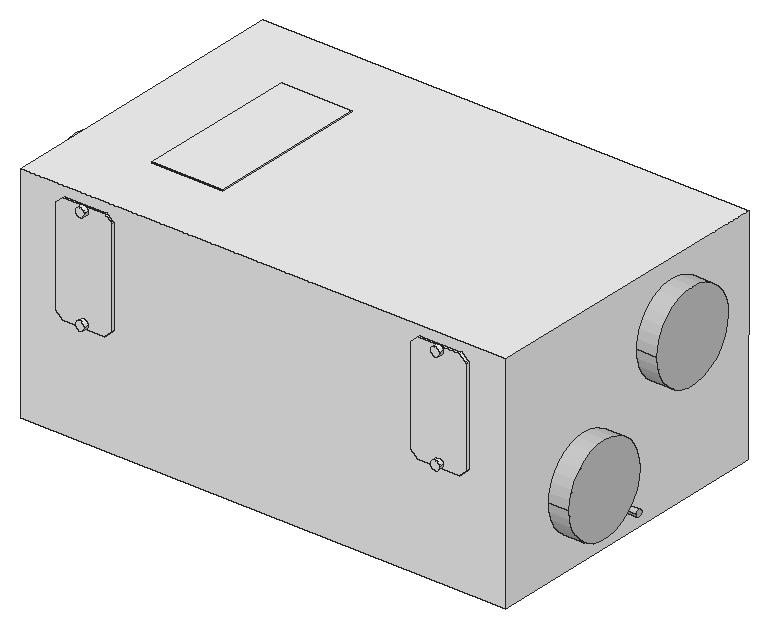
Revit family "BLAUBERG-KOMFORT_EC_LBE_400", category Mechanical Equipment, Revit 2019
Family settings
  Round Connector Dimension = Use Diameter
  Classification = None
  Part Type = Normal
  OmniClass Number = 23.75.35.14
  OmniClass Title = Air Handling Units
  Work Plane-Based = No
  Always vertical = Yes
  Cut with Voids When Loaded = No
  Shared = No
  Room Calculation Point = No
Parameters (values of type "KOMFORT EC LBE 400 S21")
  dLFeets = 48 mm
  dBFeets = 58 mm
  Weight = 76.00 kg
  Top Maintenance Zone Height = 900 mm
  Standard Service Side [instance] = yes
  Service Side 2 [instance] = Standard Service Side  # yes
  Service Side 1 [instance] = not(Standard Service Side)  # no
  Leveling Feets [instance] = yes
  HDrainCon = 52 mm
  DrainPipe = yes
  Drain Connection Diameter = 16 mm
  Ddrain = 14.752 mm
  CoverW = 125 mm
  CoverH1 = 145 mm
  CoverH = 247 mm
  Maximum Unit Current With Electric Heater = 14.3 A
  Maintenance Zone Side 2 [instance] = if(Maintenance Zone, (if(not(Standard Service Side), 1 = 1, 1 = 0)), 1 = 0)  # no
  Maintenance Zone Side 1 [instance] = if(Maintenance Zone, (if(Standard Service Side, 1 = 1, 1 = 0)), 1 = 0)  # no
  Plastic Material = Polypropylene Black
  Maximum Unit Power Without Electric Heater = 289 W
  Maximum Unit Current Without Electric Heater = 2.1 A
  Leveling Feets Height Calc [instance] = if(Leveling Feets Height < 23 mm, 23 mm, Leveling Feets Height)  # 23 mm
  Leveling Feets Height [instance] = 23 mm
  CoverL2 = 147 mm
  CoverL1 = 147 mm
  Heater power = 2800 W
  Heat Exchanger Material = "polystyrene"
  HDuctCon = 48 mm  # constant formula
  H2 = 162 mm
  H1 = 141 mm
  H = 504 mm
  ElConB = 341 mm
  ElConA = 249 mm
  ElBoxB = 364 mm
  ElBoxA = 159 mm
  BDrainCon = 341 mm
  B2 = 217 mm
  Air Flow Factor [instance] = 1  # constant formula
  B1 = 217 mm
  L = 1094 mm
  Voltage = 230 V
  URL = "https://blaubergventilatoren.de/en/product/komfort-ec-lbe400-s21"
  Type Comments = "Air Handling Unit KOMFORT EC LBE 400 S21"
  Transported Air Temperature (°C) = "-25…+40"
  Supply Air Filter = "G4+F7"
  Sound Pressure Level at 3 m (dBA) = 27
  SEC Class = "A+"
  RPM (min-1) = 2600
  Power Factor = 1
  Power = Maximum Unit Power Without Electric Heater + Heater power  # 3089 W
  Number of Poles = 1
  Model = "KOMFORT EC LBE 400 S21"
  Maximum Air Flow = 540 m³/h
  Manufacturer = "Blauberg"
  Maintenance Zone Material = Maintenance Zone
  Front Maintenance Zone Height = 900 mm
  Maintenance Zone [instance] = no
  Load Classification = HVAC
  B = 682 mm
  Heat recovery efficiency (%) = "84..98"
  Heat Exchanger Type = "counter-flow"
  Metal Material = Metal Zinc
  Family Version = "1.0"  # constant formula
  Extract Air Filter = "G4"
  Duct Connection Diameter = 200 mm
  Description = "Air Handling Unit"
  D = Duct Connection Diameter  # 200 mm
  Current = Maximum Unit Current With Electric Heater  # 14.3 A
  Copyright = "©Blauberg"
  Casing Material = Painted Steel White
  Apparent Power [instance] = Power / Power Factor  # 3089 VA
  Air Flow Supply [instance] = 0 m³/h
  Air Flow Exhaust [instance] = 0 m³/h
Types (2, lengths in mm): name | DrainPipe | Drain Connection Diameter | Heat Exchanger Material | URL | Type Comments | SEC Class | Model | Heat recovery efficiency (%)
  KOMFORT EC LBE 400 S21 | yes | 16 | "polystyrene" | "https://blaubergventilatoren.de/en/product/komfort-ec-lbe400-s21" | "Air Handling Unit KOMFORT EC LBE 400 S21" | "A+" | "KOMFORT EC LBE 400 S21" | "84..98"
  KOMFORT EC LBE 400-E S21 | no | 0 | "enthalpy" | "https://blaubergventilatoren.de/en/product/komfort-ec-lbe400-e-s21" | "Air Handling Unit KOMFORT EC LBE 400-E S21" | "A" | "KOMFORT EC LBE 400-E S21" | "78..89"
Reference planes
  plane 1 "Center (Front/Back)": y = 0
  plane 2: z = 0
  plane 3 "Center (Left/Right)": x = 0
  plane 4 "Right": x = 547
  plane 5 "Front": y = -341
  plane 6 "Left": x = -547
  plane 7 "Top": z = 527
  plane 8 "Back": y = 341
  plane 9 "DuctConB1": y = 124
  plane 10 "DuctConB2": y = -124
  plane 11: z = 529
  plane 12 "Bottom": z = 23
  plane 13 "FeetsL1": x = -499
  plane 14 "FeetsL2": x = 499
  plane 15 "FeetsB1": y = 283
  plane 16 "FeetsB2": y = -283
  plane 17 "ElConA": x = -298
  plane 18: x = -377.5
  plane 19: x = -218.5
  plane 20: y = 182
  plane 21: y = -182
  plane 22 "ElConB": y = 0
  plane 23 "DrainConH": z = 75
  plane 24 "CoverH": z = 382
  plane 25 "CoverL1": x = -400
  plane 26 "CoverL2": x = 400
  plane 27 "DrainConB": y = 0
  plane 28 "DuctConH1": z = 386
  plane 29 "DuctConH2": z = 185
  plane 30: x = -595
  plane 31: x = 595
Forms (mm)
  Extrusion 1, solid, material "Painted Steel White" <- "Casing Material", detail levels medium+fine
    sketch origin (0, 377, 23) x (-1, 0, 0) y (0, -1, 0)
      loop
        line (547, 36) -> (547, 718) -> (-547, 718) -> (-547, 36) -> (547, 36)
    from 0 to 504
  Extrusion 2, solid, material "Painted Steel White" <- "Casing Material", detail levels medium+fine
    sketch origin (0, 0, 527) x (-1, 0, 0) y (0, -1, 0)
      loop
        line (377.5, -182) -> (377.5, 182) -> (218.5, 182) -> (218.5, -182) -> (377.5, -182)
    from 0 to 2
  Extrusion 3, solid, material "Metal Zinc" <- "Metal Material", detail levels medium+fine
    sketch origin (-547, 0, 0) x (0, 1, 0) y (0, 0, 1)
      loop
        circle (-124, 386) r 100
      loop
        circle (124, 185) r 100
    from 0 to -48
  Extrusion 4, solid, material "Metal Zinc" <- "Metal Material", detail levels medium+fine
    sketch origin (547, 0, 0) x (0, 1, 0) y (0, 0, 1)
      loop
        circle (124, 386) r 100
      loop
        circle (-124, 185) r 100
    from 0 to 48
  Extrusion 5, solid, material "Metal Zinc" <- "Metal Material", visible <- "DrainPipe", detail levels medium+fine
    sketch origin (547, 0, 0) x (0, 1, 0) y (0, 0, 1)
      loop
        circle (0, 75) r 7.376
    from 0 to 26.5
Lines and regions (mm)
  model lines, detail levels coarse
    curve 1: line (-547, -341, 527) -> (-547, 341, 527)
    curve 2: line (547, -341, 527) -> (-547, -341, 527)
    curve 3: line (547, 341, 527) -> (547, -341, 527)
    curve 4: line (-547, -341, 23) -> (-547, 341, 23)
    curve 5: line (547, -341, 23) -> (-547, -341, 23)
    curve 6: line (547, 341, 23) -> (547, -341, 23)
    curve 7: line (-547, -341, 527) -> (547, -341, 527)
    curve 8: line (-547, -341, 23) -> (-547, -341, 527)
    curve 9: line (547, -341, 23) -> (-547, -341, 23)
    curve 10: line (547, -341, 527) -> (547, -341, 23)
    curve 11: line (-547, -341, 527) -> (-547, -341, 23)
    curve 12: line (547, -341, 527) -> (547, -341, 23)
    curve 13: line (-547, 341, 23) -> (547, 341, 23)
    curve 14: line (-547, 341, 527) -> (547, 341, 527)
    curve 15: line (-547, 341, 527) -> (-547, 341, 23)
    curve 16: line (547, 341, 527) -> (547, 341, 23)
    curve 17: line (-595, -124, 386) -> (-547, -124, 386)
    curve 18: line (-595, 124, 185) -> (-547, 124, 185)
    curve 19: line (547, -124, 185) -> (595, -124, 185)
    curve 20: line (547, 124, 386) -> (595, 124, 386)
Dimensions and locks
  "B": plane 8 "Back" to plane 5 "Front"
  equal spacing: plane 6 "Left", plane 3 "Center (Left/Right)", plane 4 "Right"
  "L": plane 6 "Left" to plane 4 "Right"
  "dBFeets": plane 8 "Back" to plane 15 "FeetsB1"
  "dBFeets": plane 16 "FeetsB2" to plane 5 "Front"
  "dLFeets": plane 6 "Left" to plane 13 "FeetsL1"
  "dLFeets": plane 14 "FeetsL2" to plane 4 "Right"
  "Leveling Feets Height Calc": plane 12 "Bottom" to level
  "H": plane 7 "Top" to plane 12 "Bottom"
  "ElConA": plane 6 "Left" to plane 17 "ElConA"
  "B2": plane 10 "DuctConB2" to plane 5 "Front"
  "B1": plane 8 "Back" to plane 9 "DuctConB1"
  equal spacing: plane 18, plane 17 "ElConA", plane 19
  "ElBoxA": plane 18 to plane 19
  "ElConB": plane 8 "Back" to plane 22 "ElConB"
  equal spacing: plane 20, plane 22 "ElConB", plane 21
  "ElBoxB": plane 20 to plane 21
  locked: plane 11 to plane 7 "Top" at 2
  equal spacing: plane 8 "Back", plane 1 "Center (Front/Back)", plane 5 "Front"
  "CoverH1": plane 7 "Top" to plane 24 "CoverH"
  "CoverL1": plane 6 "Left" to plane 25 "CoverL1"
  "CoverL2": plane 26 "CoverL2" to plane 4 "Right"
  "HDrainCon": plane 23 "DrainConH" to plane 12 "Bottom"
  "BDrainCon": plane 8 "Back" to plane 27 "DrainConB"
  "H1": plane 7 "Top" to plane 28 "DuctConH1"
  "H2": plane 29 "DuctConH2" to plane 12 "Bottom"
  "HDuctCon": plane 30 to plane 6 "Left"
  "HDuctCon": plane 4 "Right" to plane 31
  "D": diameter of Extrusion 3 sketch curve  (x2)
  "D": diameter of Extrusion 4 sketch curve  (x2)
  "Ddrain": diameter of Extrusion 5 sketch curve
  aligned and locked: level to plane 2
  aligned and locked: plane 13 "FeetsL1" to nested 1
  aligned and locked: nested 1 to plane 15 "FeetsB1"
  aligned and locked: plane 14 "FeetsL2" to nested 2
  aligned and locked: nested 2 to plane 15 "FeetsB1"
  aligned and locked: nested 3 to plane 16 "FeetsB2"
  aligned and locked: plane 14 "FeetsL2" to nested 3
  aligned and locked: plane 13 "FeetsL1" to nested 4
  aligned and locked: nested 4 to plane 16 "FeetsB2"
  aligned and locked: Extrusion 1 sketch curve to plane 8 "Back"
  aligned and locked: plane 6 "Left" to Extrusion 1 sketch curve
  aligned and locked: plane 5 "Front" to Extrusion 1 sketch curve
  aligned and locked: Extrusion 1 sketch curve to plane 4 "Right"
  aligned and locked: plane 7 "Top" to Extrusion 1
  aligned and locked: plane 3 "Center (Left/Right)" to nested 5
  aligned and locked: nested 5 to plane 7 "Top"
  aligned and locked: curve 2 to Extrusion 1
  aligned and locked: curve 4 to curve 1
  aligned and locked: curve 5 to curve 2
  aligned and locked: curve 6 to nested 5
  aligned and locked: curve 8 to Extrusion 1
  aligned and locked: curve 10 to Extrusion 1
  aligned and locked: curve 11 to plane 5 "Front"
  aligned and locked: curve 12 to plane 5 "Front"
  aligned and locked: plane 8 "Back" to curve 3
  aligned and locked: plane 8 "Back" to curve 6
  aligned and locked: plane 6 "Left" to curve 13
  aligned and locked: curve 13 to plane 8 "Back"
  aligned and locked: plane 4 "Right" to curve 14
  aligned and locked: plane 6 "Left" to curve 14
  aligned and locked: curve 14 to plane 8 "Back"
  aligned and locked: Extrusion 2 sketch curve to plane 20
  aligned and locked: Extrusion 2 sketch curve to plane 18
  aligned and locked: plane 21 to Extrusion 2 sketch curve
  aligned and locked: Extrusion 2 sketch curve to plane 19
  aligned and locked: plane 11 to Extrusion 2
  aligned and locked: plane 3 "Center (Left/Right)" to nested 6
  aligned and locked: nested 6 to plane 7 "Top"
  aligned and locked: plane 7 "Top" to curve 15
  aligned and locked: plane 12 "Bottom" to curve 15
  aligned and locked: plane 7 "Top" to curve 16
  aligned and locked: plane 12 "Bottom" to curve 16
  aligned and locked: plane 8 "Back" to curve 15
  aligned and locked: plane 8 "Back" to curve 16
  aligned and locked: Extrusion 3 to plane 30
  aligned and locked: plane 31 to Extrusion 4
  aligned and locked: plane 1 "Center (Front/Back)" to nested 7
  aligned and locked: plane 3 "Center (Left/Right)" to nested 7
  aligned and locked: plane 25 "CoverL1" to nested 8
  aligned and locked: plane 24 "CoverH" to nested 8
  aligned and locked: plane 26 "CoverL2" to nested 9
  aligned and locked: plane 24 "CoverH" to nested 9
  aligned and locked: nested 10 to plane 24 "CoverH"
  aligned and locked: nested 11 to plane 24 "CoverH"
  aligned and locked: nested 10 to plane 26 "CoverL2"
  aligned and locked: nested 11 to plane 25 "CoverL1"
  aligned and locked: plane 9 "DuctConB1" to Extrusion 4 sketch curve
  aligned and locked: plane 28 "DuctConH1" to Extrusion 4 sketch curve
  aligned and locked: plane 10 "DuctConB2" to Extrusion 4 sketch curve
  aligned and locked: plane 29 "DuctConH2" to Extrusion 4 sketch curve
  aligned and locked: plane 6 "Left" to curve 17
  aligned and locked: plane 30 to curve 17
  aligned and locked: plane 31 to curve 19
  aligned and locked: plane 4 "Right" to curve 19
  aligned and locked: plane 30 to curve 18
  aligned and locked: plane 6 "Left" to curve 18
  aligned and locked: curve 17 to plane 10 "DuctConB2"
  aligned and locked: curve 18 to plane 9 "DuctConB1"
  aligned and locked: plane 4 "Right" to curve 20
  aligned and locked: plane 31 to curve 20
  aligned and locked: curve 19 to plane 10 "DuctConB2"
  aligned and locked: curve 20 to plane 9 "DuctConB1"
Automatic sketch dimensions
  curve 9 to plane 12 "Bottom" = 0 mm
  curve 8 to plane 7 "Top" = 0 mm
  curve 11 to plane 12 "Bottom" = 0 mm
  curve 11 to plane 7 "Top" = 0 mm
  curve 12 to plane 12 "Bottom" = 0 mm
  curve 12 to plane 7 "Top" = 0 mm
  Extrusion 3 sketch curve to plane 10 "DuctConB2" = 0 mm
  Extrusion 3 sketch curve to plane 9 "DuctConB1" = 0 mm
  Extrusion 3 sketch curve to plane 29 "DuctConH2" = 0 mm
  Extrusion 3 sketch curve to plane 28 "DuctConH1" = 0 mm
  Extrusion 5 sketch curve to plane 22 "ElConB" = 0 mm
  Extrusion 5 sketch curve to plane 23 "DrainConH" = 0 mm
Nested families
  nested 1: "LevellingFeet" at (-499, 283, 0), visible <- "Leveling Feets", type "LevellingFeet", detail levels medium+fine
  nested 2: "LevellingFeet" at (499, 283, 0), visible <- "Leveling Feets", type "LevellingFeet", detail levels medium+fine
  nested 3: "LevellingFeet" at (499, -283, 0), visible <- "Leveling Feets", type "LevellingFeet", detail levels medium+fine
  nested 4: "LevellingFeet" at (-499, -283, 0), visible <- "Leveling Feets", type "LevellingFeet", detail levels medium+fine
  nested 5: "MaintenanceZone_Rect" at (0, -341, 275) x (1, 0, 0) z (0, 1, 0), visible <- "Maintenance Zone Side 1", type "Front", detail levels medium+fine
    with Maintenance Zone Width 504 mm, Maintenance Zone Length 1094 mm, Maintenance Zone Height 900 mm
  nested 6: "MaintenanceZone_Rect" at (0, 341, 275) x (1, 0, 0) z (0, -1, 0), visible <- "Maintenance Zone Side 2", type "Front", detail levels medium+fine
    with Maintenance Zone Width 504 mm, Maintenance Zone Length 1094 mm, Maintenance Zone Height 900 mm
  nested 7: "MaintenanceZone_Rect" at (0, 0, 527) x (1, 0, 0) z (0, 0, -1), visible <- "Maintenance Zone", type "Top", detail levels medium+fine
    with Maintenance Zone Width 682 mm, Maintenance Zone Length 1094 mm, Maintenance Zone Height 900 mm
  nested 8: "FilterCover" at (-400, -341, 382) x (1, 0, 0) z (0, -1, 0), visible <- "Service Side 2", type "FilterCover", detail levels medium+fine
    with Width 125 mm, Lenght 247 mm
  nested 9: "FilterCover" at (400, -341, 382) x (1, 0, 0) z (0, -1, 0), visible <- "Service Side 2", type "FilterCover", detail levels medium+fine
    with Width 125 mm, Lenght 247 mm
  nested 10: "FilterCover" at (400, 341, 382) x (-1, 0, 0) z (0, 1, 0), visible <- "Service Side 1", type "FilterCover", detail levels medium+fine
    with Width 125 mm, Lenght 247 mm
  nested 11: "FilterCover" at (-400, 341, 382) x (-1, 0, 0) z (0, 1, 0), visible <- "Service Side 1", type "FilterCover", detail levels medium+fine
    with Width 125 mm, Lenght 247 mm
Connectors
  electrical at (-298, 0, 529), driven by "Number of Poles", driven by "Load Classification", driven by "Voltage", driven by "Apparent Power", driven by "Power Factor"
    settings: on Extrusion 2, index 6, voltage 230 V, apparent load 3089 VA, apparent load phase1 0 VA, apparent load phase2 0 VA, apparent load phase3 0 VA, power factor 1, load classification "HVAC", number of poles 1, system type 30, power factor state 1, is connector primary yes, connector utility no, sub classification motor no, connector description ""
  hvac at (-595, -124, 386), driven by "Duct Connection Diameter", driven by "Air Flow Exhaust"
    settings: on Extrusion 3, index 7, duct flow 0 m³/h, flow factor 0, pres drop 0.0 Pa, loss coef 0, conn angle 0.00°, conn width 304.8 mm, conn height 304.8 mm, conn diameter 200 mm, duct sys type 3, conn prof type 0, flow config 0, flow direction 1, loss method 0, conn ref index -1, conn util no, is conn primary yes, conn desc "Extract Air"
  hvac at (-595, 124, 185), driven by "Duct Connection Diameter", driven by "Air Flow Supply"
    settings: on Extrusion 3, index 8, duct flow 0 m³/h, flow factor 0, pres drop 0.0 Pa, loss coef 0, conn angle 0.00°, conn width 304.8 mm, conn height 304.8 mm, conn diameter 200 mm, duct sys type 1, conn prof type 0, flow config 0, flow direction 2, loss method 0, conn ref index -1, conn util no, is conn primary no, conn desc "Supply Air"
  hvac at (595, 124, 386), driven by "Duct Connection Diameter", driven by "Air Flow Supply"
    settings: on Extrusion 4, index 9, duct flow 0 m³/h, flow factor 0, pres drop 0.0 Pa, loss coef 0, conn angle 0.00°, conn width 304.8 mm, conn height 304.8 mm, conn diameter 200 mm, duct sys type 1, conn prof type 0, flow config 1, flow direction 1, loss method 0, conn ref index -1, conn util no, is conn primary no, conn desc "Inake Air"
  hvac at (595, -124, 185), driven by "Duct Connection Diameter", driven by "Air Flow Exhaust"
    settings: on Extrusion 4, index 10, duct flow 0 m³/h, flow factor 0, pres drop 0.0 Pa, loss coef 0, conn angle 0.00°, conn width 304.8 mm, conn height 304.8 mm, conn diameter 200 mm, duct sys type 3, conn prof type 0, flow config 1, flow direction 2, loss method 0, conn ref index -1, conn util no, is conn primary no, conn desc "Exhaust Air"
Definition of nested family "LevellingFeet"
  Parameters (values of type "LevellingFeet")
    r2 = d2 / 2  # 9 mm
    r1 = d1 / 2  # 12 mm
    h2 = 15 mm
    h1 = 6 mm
    d3 = 8 mm
    d2 = 18 mm
    d1 = 24 mm
    R = D / 2  # 20.5 mm
    Material = none
    H = 23 mm
    Default Elevation = 1219.2 mm
    D = 41 mm
  Reference planes
    plane 1 "Center (Front/Back)": y = 0
    plane 2: z = 0
    plane 3 "Center (Left/Right)": x = 0
    plane 4: z = 6
    plane 5: x = -9
    plane 6: x = -20.5
    plane 7: x = -12
    plane 8: z = 21
    plane 9: z = 23
  Forms (mm)
    Revolve 1, solid, material <- "Material"
      sketch origin (0, 0, 0) x (1, 0, 0) y (0, 0, 1)
        loop
          line (0, 21) -> (-9, 21) -> (-11.354, 9.228)
          arc (-11.354, 9.228) -> (-12.746, 6.91) -> (-15.292, 6) r 4.016
          line (-15.292, 6) -> (-18.541, 6)
          arc (-18.541, 6) -> (-19.926, 5.426) -> (-20.5, 4.041) r 1.959
          line (-20.5, 4.041) -> (-20.5, 0) -> (0, 0) -> (0, 21)
        axis (0, 21) -> (0, 0)
      angle from 0 to 360
    Extrusion 2, solid, material <- "Material"
      sketch origin (0, 0, 0) x (1, 0, 0) y (0, 1, 0)
        loop
          circle (0, 0) r 4
      from 23 to 6
  Cuts and joins
    joined: Revolve 1, Extrusion 2
  Dimensions and locks
    "r2": plane 3 "Center (Left/Right)" to plane 5
    "R": plane 3 "Center (Left/Right)" to plane 6
    "r1": plane 3 "Center (Left/Right)" to plane 7
    "h2": plane 8 to plane 4
    "h1": plane 4 to level
    "H": plane 9 to level
    "d3": diameter of Extrusion 2 sketch curve
    aligned and locked: level to plane 2
    aligned and locked: Revolve 1 sketch curve to plane 3 "Center (Left/Right)"
    aligned and locked: plane 8 to Revolve 1 sketch curve
    aligned and locked: Extrusion 2 to plane 4
    aligned and locked: plane 9 to Extrusion 2
    aligned and locked: cut or joined group of Revolve 1, Extrusion 2 to level
  Automatic sketch dimensions
    Revolve 1 sketch curve to level = 0 mm
    Revolve 1 sketch curve to plane 6 = 0 mm
    Revolve 1 sketch curve to plane 4 = 0 mm
    Revolve 1 sketch curve to plane 5 = 0 mm
    Revolve 1 sketch curve to plane 3 "Center (Left/Right)" = 0 mm
    plane 6 to Revolve 1 sketch curve = 1.959 mm
    Revolve 1 sketch curve to plane 7 = 3.292 mm
    plane 7 to Revolve 1 sketch curve = 0.646 mm
    plane 4 to Revolve 1 sketch curve = 3.228 mm
    Revolve 1 sketch curve to level = 336.045 mm
    plane 9 to Revolve 1 sketch curve = 2172.315 mm
    plane 1 "Center (Front/Back)" to Extrusion 2 sketch curve = 0 mm
    Extrusion 2 sketch curve to plane 3 "Center (Left/Right)" = 0 mm
Definition of nested family "MaintenanceZone_Rect"
  Parameters (values of type "MaintenanceZone_Rect")
    Maintenance Zone Width = 500 mm
    Material = none
    Maintenance Zone Length = 1000 mm
    Maintenance Zone Height = 300 mm
    Family Version = ""
    Default Elevation = 1219.2 mm
    Copyright = ""
  Reference planes
    plane 1 "Center (Front/Back)": y = 0
    plane 2: z = 0
    plane 3 "Center (Left/Right)": x = 0
    plane 4: x = -500
    plane 5: x = 500
    plane 6: y = 250
    plane 7: y = -250
    plane 8: z = -300
  Forms (mm)
    Extrusion 1, solid, material <- "Material", detail levels medium+fine
      sketch origin (0, 0, 0) x (1, 0, 0) y (0, 1, 0)
        loop
          line (-500, 250) -> (-500, -250) -> (500, -250) -> (500, 250) -> (-500, 250)
      from 0 to -300
  Lines and regions (mm)
    symbolic lines, detail levels medium+fine
      curve 1: line (-500, 0, 0) -> (500, 0, 0)
      curve 2: line (-500, 0, -300) -> (-500, 0, 0)
      curve 3: line (500, 0, -300) -> (-500, 0, -300)
      curve 4: line (500, 0, 0) -> (500, 0, -300)
      curve 5: line (0, 250, 0) -> (0, -250, 0)
      curve 6: line (0, 250, -300) -> (0, 250, 0)
      curve 7: line (0, -250, -300) -> (0, 250, -300)
      curve 8: line (0, -250, 0) -> (0, -250, -300)
      curve 9: line (-500, 250, 0) -> (500, 250, 0)
      curve 10: line (-500, -250, 0) -> (-500, 250, 0)
      curve 11: line (500, -250, 0) -> (-500, -250, 0)
      curve 12: line (500, 250, 0) -> (500, -250, 0)
  Dimensions and locks
    equal spacing: plane 6, plane 1 "Center (Front/Back)", plane 7
    equal spacing: plane 4, plane 3 "Center (Left/Right)", plane 5
    "Maintenance Zone Width": plane 6 to plane 7
    "Maintenance Zone Length": plane 4 to plane 5
    "Maintenance Zone Height": plane 2 to plane 8
    aligned and locked: level to plane 2
    aligned and locked: Extrusion 1 sketch curve to plane 6
    aligned and locked: plane 4 to Extrusion 1 sketch curve
    aligned and locked: plane 7 to Extrusion 1 sketch curve
    aligned and locked: Extrusion 1 sketch curve to plane 5
    aligned and locked: Extrusion 1 to plane 8
    aligned and locked: curve 1 to Extrusion 1
    aligned and locked: curve 2 to Extrusion 1
    aligned and locked: curve 3 to Extrusion 1
    aligned and locked: curve 4 to Extrusion 1
    aligned and locked: curve 5 to Extrusion 1
    aligned and locked: curve 6 to Extrusion 1
    aligned and locked: curve 7 to Extrusion 1
    aligned and locked: curve 8 to Extrusion 1
    aligned and locked: curve 9 to Extrusion 1
    aligned and locked: curve 10 to Extrusion 1
    aligned and locked: curve 11 to Extrusion 1
    aligned and locked: curve 12 to Extrusion 1
Definition of nested family "FilterCover"
  Parameters (values of type "FilterCover")
    W1 = 14.8 mm
    Width = 65 mm
    Material = none
    Lenght = 242 mm
    L2 = 9 mm
    H1 = 10 mm
    Height = 5.5 mm
    Default Elevation = 1219.2 mm
    AngleCalc = 90.00° + Angle  # 90.00°
    Angle = 0.00°
  Reference planes
    plane 1 "Center (Front/Back)": y = 0
    plane 2: z = 0
    plane 3 "Center (Left/Right)": x = 0
    plane 4: x = -32.5
    plane 5: x = 32.5
    plane 6: y = -121
    plane 7: y = 121
    plane 8: x = -17.7
    plane 9: x = 17.7
    plane 10: y = 106.2
    plane 11: y = -106.2
    plane 12: y = 112
    plane 13: y = -112
    plane 14: z = 5.5
    plane 15: z = 15.5
  Forms (mm)
    Extrusion 1, solid, material <- "Material"
      sketch origin (0, 0, 0) x (1, 0, 0) y (0, 1, 0)
        loop
          line (-17.7, 121) -> (-32.5, 106.2) -> (-32.5, -106.2) -> (-17.7, -121) -> (17.7, -121) -> (32.5, -106.2) -> (32.5, 106.2) -> (17.7, 121) -> (-17.7, 121)
      from 0 to 5.5
    Extrusion 2, solid, material <- "Material"
      sketch origin (0, 0, 0) x (1, 0, 0) y (0, 1, 0)
        loop
          circle (0, 112) r 10
        loop
          circle (0, -112) r 10
      from 5.5 to 15.5
  Dimensions and locks
    equal spacing: plane 4, plane 3 "Center (Left/Right)", plane 5
    "Width": plane 4 to plane 5
    equal spacing: plane 6, plane 1 "Center (Front/Back)", plane 7
    "Lenght": plane 6 to plane 7
    "W1": plane 10 to plane 7
    "W1": plane 9 to plane 5
    "W1": plane 4 to plane 8
    "W1": plane 11 to plane 6
    "Height": plane 14 to level
    "H1": plane 15 to plane 14
    "L2": plane 12 to plane 7
    "L2": plane 6 to plane 13
    diameter of Extrusion 2 sketch curve = 20 mm  (x2)
    aligned and locked: level to plane 2
    aligned and locked: plane 14 to Extrusion 1
    aligned and locked: plane 15 to Extrusion 2
    aligned and locked: Extrusion 2 to plane 14
  Automatic sketch dimensions
    Extrusion 1 sketch curve to plane 4 = 0 mm
    plane 7 to Extrusion 1 sketch curve = 0 mm
    Extrusion 1 sketch curve to plane 8 = 0 mm  (x2)
    plane 6 to Extrusion 1 sketch curve = 0 mm
    Extrusion 1 sketch curve to plane 9 = 0 mm  (x2)
    Extrusion 1 sketch curve to plane 5 = 0 mm
    Extrusion 1 sketch curve to plane 11 = 0 mm  (x2)
    Extrusion 1 sketch curve to plane 10 = 0 mm  (x2)
    Extrusion 2 sketch curve to plane 3 "Center (Left/Right)" = 0 mm  (x2)
    Extrusion 2 sketch curve to plane 13 = 0 mm
    Extrusion 2 sketch curve to plane 12 = 0 mm
